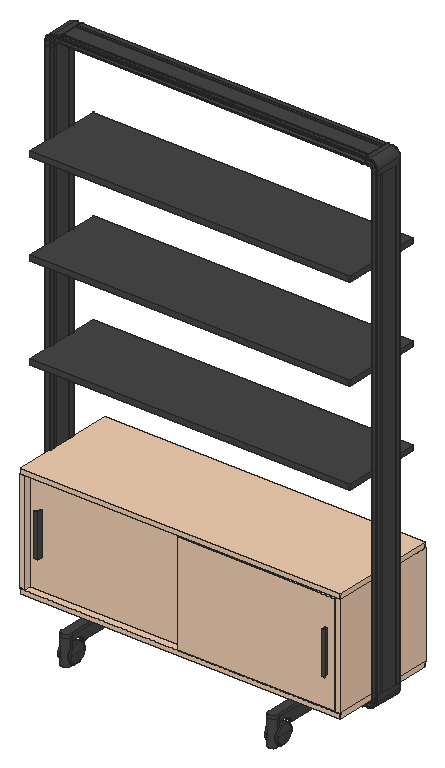
Revit family "DBLTD_TheSenatorGroup_OffcStrg_AdaptWall", category Furniture, Revit 2019 (continued)
Definition of nested family "DBLTD_TheSenatorGroup_OffcStrg_AdaptWall_Frame"
  Automatic sketch dimensions
    Sweep 22 sketch curve to Sweep 22 sketch curve = 2.641 mm  (x2)
    Sweep 22 sketch curve to Sweep 22 sketch curve = 8.543 mm
    Sweep 22 sketch curve to Sweep 22 sketch curve = 0.219 mm  (x3)
    Sweep 22 sketch curve to Sweep 22 sketch curve = 1.02 mm  (x2)
    Sweep 22 sketch curve to Sweep 22 sketch curve = 10 mm  (x2)
    profile plane to Sweep 22 sketch curve = 175.276 mm
    Sweep 22 sketch curve to Sweep 22 sketch curve = 0 mm  (x2)
    Sweep 22 sketch curve to Sweep 22 sketch curve = 1.116 mm  (x2)
    Sweep 22 sketch curve to Sweep 22 sketch curve = 9.465 mm
    Sweep 22 sketch curve to Sweep 22 sketch curve = 0.512 mm
    Sweep 22 sketch curve to Sweep 22 sketch curve = 4.997 mm
    Sweep 22 sketch curve to Sweep 22 sketch curve = 4.8 mm  (x2)
    Sweep 22 sketch curve to Sweep 22 sketch curve = 57.352 mm
    Sweep 22 sketch curve to Sweep 22 sketch curve = 3.509 mm
    Sweep 22 sketch curve to Sweep 22 sketch curve = 1.488 mm  (x2)
    Sweep 22 sketch curve to Sweep 22 sketch curve = 9.593 mm  (x2)
    Sweep 22 sketch curve to Sweep 22 sketch curve = 0.384 mm  (x2)
    radius of Extrusion 4 sketch curve = 17.494 mm
    radius of Extrusion 5 sketch curve = 17.494 mm
    radius of Extrusion 14 sketch curve = 17.494 mm
    radius of Extrusion 15 sketch curve = 17.494 mm
Definition of nested family "DBLTD_TheSenatorGroup_OffcStrg_AdaptWall_Shelf"
  Parameters (values of type "Shelves")
    URL = ""
    Type Comments = ""
    Model = ""
    Manufacturer = ""
    Keynote = ""
    HasCoatHook = no
    HasMiddleShelves = yes
    HasBottomShelf = yes
    FrameWidth [instance] = 1650 mm
    FrameMaterial [instance] = none
    Description = ""
    Cost = 0
  Types (3, lengths in mm): name | HasCoatHook | HasMiddleShelves | HasBottomShelf | FrameWidth
    Coat Hook | yes | no | no | 1250
    Shelves with Storage | no | yes | no | 1250
    Shelves | no | yes | yes | 1650
  Reference planes
    plane 1: z = 0
    plane 2 "Center (Left/Right)": x = 0
    plane 3: y = -229
    plane 4: x = -825
    plane 5: x = -802.4
    plane 6: x = 825
    plane 7: x = 802.4
  Forms (mm)
    Extrusion 1, solid, material <- "FrameMaterial"
      sketch origin (0, 2538.177, 75) x (-1, 0, 0) y (0, -1, 0)
        loop
          arc (799.4, 2622.815) -> (801.521, 2623.694) -> (802.4, 2625.815) r 3
          line (802.4, 2625.815) -> (802.4, 2918.462)
          arc (802.4, 2918.462) -> (801.521, 2920.583) -> (799.4, 2921.462) r 3
          line (799.4, 2921.462) -> (-799.4, 2921.462)
          arc (-799.4, 2921.462) -> (-801.521, 2920.583) -> (-802.4, 2918.462) r 3
          line (-802.4, 2918.462) -> (-802.4, 2625.815)
          arc (-802.4, 2625.815) -> (-801.521, 2623.694) -> (-799.4, 2622.815) r 3
          line (-799.4, 2622.815) -> (799.4, 2622.815)
      from 1522.092 to 1539.892
    Extrusion 2, solid, material <- "FrameMaterial"
      sketch origin (0, 0, 75) x (-1, 0, 0) y (0, -1, 0)
        loop
          arc (803.857, 257.676) -> (803.803, 258.721) -> (803.639, 259.755) r 10
          line (803.639, 259.755) -> (802.619, 264.555)
          arc (802.619, 264.555) -> (802.455, 265.589) -> (802.4, 266.634) r 10
          line (802.4, 266.634) -> (802.4, 271.215) -> (795.913, 271.215) -> (795.913, 186.785) -> (802.4, 186.785) -> (802.4, 191.366)
          arc (802.4, 191.366) -> (802.455, 192.411) -> (802.619, 193.445) r 10
          line (802.619, 193.445) -> (803.639, 198.245)
          arc (803.639, 198.245) -> (803.803, 199.279) -> (803.857, 200.324) r 10
          line (803.857, 200.324) -> (803.857, 257.676)
        loop
          line (-803.857, 257.676) -> (-803.857, 200.324)
          arc (-803.857, 200.324) -> (-803.803, 199.279) -> (-803.639, 198.245) r 10
          line (-803.639, 198.245) -> (-802.619, 193.445)
          arc (-802.619, 193.445) -> (-802.455, 192.411) -> (-802.4, 191.366) r 10
          line (-802.4, 191.366) -> (-802.4, 186.785) -> (-795.913, 186.785) -> (-795.913, 271.215) -> (-802.4, 271.215) -> (-802.4, 266.634)
          arc (-802.4, 266.634) -> (-802.455, 265.589) -> (-802.619, 264.555) r 10
          line (-802.619, 264.555) -> (-803.639, 259.755)
          arc (-803.639, 259.755) -> (-803.803, 258.721) -> (-803.857, 257.676) r 10
      from 1491.392 to 1522.092
    Sweep 3, solid, material <- "FrameMaterial", visible <- "HasCoatHook"
      path origin (0, 0, 0) x (1, 0, 0) y (0, 0, 1)
        loop
          line (-764.476, 1597.092) -> (-764.476, 1580.392)
          arc (-764.476, 1580.392) -> (-741.045, 1523.823) -> (-684.476, 1500.392) r 80
          line (-684.476, 1500.392) -> (684.476, 1500.392)
          arc (684.476, 1500.392) -> (741.045, 1523.823) -> (764.476, 1580.392) r 80
          line (764.476, 1580.392) -> (764.476, 1597.092)
      profile origin (-764.476, 0, 1588.742) x (0, -1, 0) y (1, 0, 0)
        loop
          circle (229, 12.5) r 12.5
    Extrusion 4, solid, material <- "FrameMaterial", visible <- "HasMiddleShelves"
      sketch origin (0, 2538.177, -275) x (-1, 0, 0) y (0, -1, 0)
        loop
          arc (799.4, 2622.815) -> (801.521, 2623.694) -> (802.4, 2625.815) r 3
          line (802.4, 2625.815) -> (802.4, 2918.462)
          arc (802.4, 2918.462) -> (801.521, 2920.583) -> (799.4, 2921.462) r 3
          line (799.4, 2921.462) -> (-799.4, 2921.462)
          arc (-799.4, 2921.462) -> (-801.521, 2920.583) -> (-802.4, 2918.462) r 3
          line (-802.4, 2918.462) -> (-802.4, 2625.815)
          arc (-802.4, 2625.815) -> (-801.521, 2623.694) -> (-799.4, 2622.815) r 3
          line (-799.4, 2622.815) -> (799.4, 2622.815)
      from 1522.092 to 1539.892
    Extrusion 5, solid, material <- "FrameMaterial", visible <- "HasMiddleShelves"
      sketch origin (0, 0, -275) x (-1, 0, 0) y (0, -1, 0)
        loop
          arc (803.857, 257.676) -> (803.803, 258.721) -> (803.639, 259.755) r 10
          line (803.639, 259.755) -> (802.619, 264.555)
          arc (802.619, 264.555) -> (802.455, 265.589) -> (802.4, 266.634) r 10
          line (802.4, 266.634) -> (802.4, 271.215) -> (795.913, 271.215) -> (795.913, 186.785) -> (802.4, 186.785) -> (802.4, 191.366)
          arc (802.4, 191.366) -> (802.455, 192.411) -> (802.619, 193.445) r 10
          line (802.619, 193.445) -> (803.639, 198.245)
          arc (803.639, 198.245) -> (803.803, 199.279) -> (803.857, 200.324) r 10
          line (803.857, 200.324) -> (803.857, 257.676)
        loop
          line (-803.857, 257.676) -> (-803.857, 200.324)
          arc (-803.857, 200.324) -> (-803.803, 199.279) -> (-803.639, 198.245) r 10
          line (-803.639, 198.245) -> (-802.619, 193.445)
          arc (-802.619, 193.445) -> (-802.455, 192.411) -> (-802.4, 191.366) r 10
          line (-802.4, 191.366) -> (-802.4, 186.785) -> (-795.913, 186.785) -> (-795.913, 271.215) -> (-802.4, 271.215) -> (-802.4, 266.634)
          arc (-802.4, 266.634) -> (-802.455, 265.589) -> (-802.619, 264.555) r 10
          line (-802.619, 264.555) -> (-803.639, 259.755)
          arc (-803.639, 259.755) -> (-803.803, 258.721) -> (-803.857, 257.676) r 10
      from 1491.392 to 1522.092
    Extrusion 6, solid, material <- "FrameMaterial", visible <- "HasMiddleShelves"
      sketch origin (0, 2538.177, -625.293) x (-1, 0, 0) y (0, -1, 0)
        loop
          arc (799.4, 2622.815) -> (801.521, 2623.694) -> (802.4, 2625.815) r 3
          line (802.4, 2625.815) -> (802.4, 2918.462)
          arc (802.4, 2918.462) -> (801.521, 2920.583) -> (799.4, 2921.462) r 3
          line (799.4, 2921.462) -> (-799.4, 2921.462)
          arc (-799.4, 2921.462) -> (-801.521, 2920.583) -> (-802.4, 2918.462) r 3
          line (-802.4, 2918.462) -> (-802.4, 2625.815)
          arc (-802.4, 2625.815) -> (-801.521, 2623.694) -> (-799.4, 2622.815) r 3
          line (-799.4, 2622.815) -> (799.4, 2622.815)
      from 1522.092 to 1539.892
    Extrusion 7, solid, material <- "FrameMaterial", visible <- "HasMiddleShelves"
      sketch origin (0, 0, -625.293) x (-1, 0, 0) y (0, -1, 0)
        loop
          arc (803.857, 257.676) -> (803.803, 258.721) -> (803.639, 259.755) r 10
          line (803.639, 259.755) -> (802.619, 264.555)
          arc (802.619, 264.555) -> (802.455, 265.589) -> (802.4, 266.634) r 10
          line (802.4, 266.634) -> (802.4, 271.215) -> (795.913, 271.215) -> (795.913, 186.785) -> (802.4, 186.785) -> (802.4, 191.366)
          arc (802.4, 191.366) -> (802.455, 192.411) -> (802.619, 193.445) r 10
          line (802.619, 193.445) -> (803.639, 198.245)
          arc (803.639, 198.245) -> (803.803, 199.279) -> (803.857, 200.324) r 10
          line (803.857, 200.324) -> (803.857, 257.676)
        loop
          line (-803.857, 257.676) -> (-803.857, 200.324)
          arc (-803.857, 200.324) -> (-803.803, 199.279) -> (-803.639, 198.245) r 10
          line (-803.639, 198.245) -> (-802.619, 193.445)
          arc (-802.619, 193.445) -> (-802.455, 192.411) -> (-802.4, 191.366) r 10
          line (-802.4, 191.366) -> (-802.4, 186.785) -> (-795.913, 186.785) -> (-795.913, 271.215) -> (-802.4, 271.215) -> (-802.4, 266.634)
          arc (-802.4, 266.634) -> (-802.455, 265.589) -> (-802.619, 264.555) r 10
          line (-802.619, 264.555) -> (-803.639, 259.755)
          arc (-803.639, 259.755) -> (-803.803, 258.721) -> (-803.857, 257.676) r 10
      from 1491.392 to 1522.092
    Extrusion 8, solid, material <- "FrameMaterial", visible <- "HasBottomShelf"
      sketch origin (0, 2538.177, -975.293) x (-1, 0, 0) y (0, -1, 0)
        loop
          arc (799.4, 2622.815) -> (801.521, 2623.694) -> (802.4, 2625.815) r 3
          line (802.4, 2625.815) -> (802.4, 2918.462)
          arc (802.4, 2918.462) -> (801.521, 2920.583) -> (799.4, 2921.462) r 3
          line (799.4, 2921.462) -> (-799.4, 2921.462)
          arc (-799.4, 2921.462) -> (-801.521, 2920.583) -> (-802.4, 2918.462) r 3
          line (-802.4, 2918.462) -> (-802.4, 2625.815)
          arc (-802.4, 2625.815) -> (-801.521, 2623.694) -> (-799.4, 2622.815) r 3
          line (-799.4, 2622.815) -> (799.4, 2622.815)
      from 1522.092 to 1539.892
    Extrusion 9, solid, material <- "FrameMaterial", visible <- "HasBottomShelf"
      sketch origin (0, 0, -975.293) x (-1, 0, 0) y (0, -1, 0)
        loop
          arc (803.857, 257.676) -> (803.803, 258.721) -> (803.639, 259.755) r 10
          line (803.639, 259.755) -> (802.619, 264.555)
          arc (802.619, 264.555) -> (802.455, 265.589) -> (802.4, 266.634) r 10
          line (802.4, 266.634) -> (802.4, 271.215) -> (795.913, 271.215) -> (795.913, 186.785) -> (802.4, 186.785) -> (802.4, 191.366)
          arc (802.4, 191.366) -> (802.455, 192.411) -> (802.619, 193.445) r 10
          line (802.619, 193.445) -> (803.639, 198.245)
          arc (803.639, 198.245) -> (803.803, 199.279) -> (803.857, 200.324) r 10
          line (803.857, 200.324) -> (803.857, 257.676)
        loop
          line (-803.857, 257.676) -> (-803.857, 200.324)
          arc (-803.857, 200.324) -> (-803.803, 199.279) -> (-803.639, 198.245) r 10
          line (-803.639, 198.245) -> (-802.619, 193.445)
          arc (-802.619, 193.445) -> (-802.455, 192.411) -> (-802.4, 191.366) r 10
          line (-802.4, 191.366) -> (-802.4, 186.785) -> (-795.913, 186.785) -> (-795.913, 271.215) -> (-802.4, 271.215) -> (-802.4, 266.634)
          arc (-802.4, 266.634) -> (-802.455, 265.589) -> (-802.619, 264.555) r 10
          line (-802.619, 264.555) -> (-803.639, 259.755)
          arc (-803.639, 259.755) -> (-803.803, 258.721) -> (-803.857, 257.676) r 10
      from 1491.392 to 1522.092
    Extrusion 10, solid, material <- "FrameMaterial", visible <- "HasBottomShelf"
      sketch origin (0, 2538.177, -1325) x (-1, 0, 0) y (0, -1, 0)
        loop
          arc (799.4, 2622.815) -> (801.521, 2623.694) -> (802.4, 2625.815) r 3
          line (802.4, 2625.815) -> (802.4, 2918.462)
          arc (802.4, 2918.462) -> (801.521, 2920.583) -> (799.4, 2921.462) r 3
          line (799.4, 2921.462) -> (-799.4, 2921.462)
          arc (-799.4, 2921.462) -> (-801.521, 2920.583) -> (-802.4, 2918.462) r 3
          line (-802.4, 2918.462) -> (-802.4, 2625.815)
          arc (-802.4, 2625.815) -> (-801.521, 2623.694) -> (-799.4, 2622.815) r 3
          line (-799.4, 2622.815) -> (799.4, 2622.815)
      from 1522.092 to 1539.892
    Extrusion 11, solid, material <- "FrameMaterial", visible <- "HasBottomShelf"
      sketch origin (0, 0, -1325) x (-1, 0, 0) y (0, -1, 0)
        loop
          arc (803.857, 257.676) -> (803.803, 258.721) -> (803.639, 259.755) r 10
          line (803.639, 259.755) -> (802.619, 264.555)
          arc (802.619, 264.555) -> (802.455, 265.589) -> (802.4, 266.634) r 10
          line (802.4, 266.634) -> (802.4, 271.215) -> (795.913, 271.215) -> (795.913, 186.785) -> (802.4, 186.785) -> (802.4, 191.366)
          arc (802.4, 191.366) -> (802.455, 192.411) -> (802.619, 193.445) r 10
          line (802.619, 193.445) -> (803.639, 198.245)
          arc (803.639, 198.245) -> (803.803, 199.279) -> (803.857, 200.324) r 10
          line (803.857, 200.324) -> (803.857, 257.676)
        loop
          line (-803.857, 257.676) -> (-803.857, 200.324)
          arc (-803.857, 200.324) -> (-803.803, 199.279) -> (-803.639, 198.245) r 10
          line (-803.639, 198.245) -> (-802.619, 193.445)
          arc (-802.619, 193.445) -> (-802.455, 192.411) -> (-802.4, 191.366) r 10
          line (-802.4, 191.366) -> (-802.4, 186.785) -> (-795.913, 186.785) -> (-795.913, 271.215) -> (-802.4, 271.215) -> (-802.4, 266.634)
          arc (-802.4, 266.634) -> (-802.455, 265.589) -> (-802.619, 264.555) r 10
          line (-802.619, 264.555) -> (-803.639, 259.755)
          arc (-803.639, 259.755) -> (-803.803, 258.721) -> (-803.857, 257.676) r 10
      from 1491.392 to 1522.092
  Dimensions and locks
    equal spacing: plane 6, plane 2 "Center (Left/Right)", plane 4
    "FrameWidth": plane 6 to plane 4
    locked: plane 5 to plane 4 at 22.6
    locked: plane 7 to plane 6 at 22.6
    aligned and locked: level to plane 1
  Automatic sketch dimensions
    Extrusion 1 sketch curve to plane 7 = 0 mm
    Extrusion 1 sketch curve to plane 5 = 0 mm
    plane 7 to Extrusion 1 sketch curve = 3 mm  (x2)
    plane 5 to Extrusion 1 sketch curve = 3 mm  (x2)
    plane 3 to Extrusion 1 sketch curve = 144.362 mm
    Extrusion 1 sketch curve to plane 3 = 151.285 mm
    Extrusion 2 sketch curve to plane 7 = 0 mm  (x2)
    Extrusion 2 sketch curve to plane 5 = 0 mm  (x2)
    Extrusion 2 sketch curve to plane 7 = 0.219 mm  (x2)
    Extrusion 2 sketch curve to plane 7 = 1.239 mm  (x2)
    Extrusion 2 sketch curve to plane 7 = 1.457 mm
    Extrusion 2 sketch curve to Extrusion 2 sketch curve = 9.781 mm  (x4)
    plane 7 to Extrusion 2 sketch curve = 6.487 mm
    plane 7 to Extrusion 2 sketch curve = 8.543 mm  (x2)
    plane 5 to Extrusion 2 sketch curve = 8.543 mm  (x2)
    plane 5 to Extrusion 2 sketch curve = 6.487 mm
    Extrusion 2 sketch curve to plane 5 = 0.219 mm  (x2)
    Extrusion 2 sketch curve to plane 5 = 1.239 mm  (x2)
    Extrusion 2 sketch curve to plane 5 = 1.457 mm
    plane 3 to Extrusion 2 sketch curve = 42.215 mm  (x2)
    Extrusion 2 sketch curve to Extrusion 2 sketch curve = 4.581 mm  (x4)
    Extrusion 2 sketch curve to Extrusion 2 sketch curve = 4.8 mm  (x4)
    Extrusion 2 sketch curve to plane 3 = 28.676 mm  (x2)
    plane 5 to Sweep 3 sketch curve = 37.924 mm
    Sweep 3 sketch curve to Sweep 3 sketch curve = 80 mm
    plane 7 to Sweep 3 sketch curve = 117.924 mm
    plane 7 to Sweep 3 sketch curve = 37.924 mm
    level to Sweep 3 sketch curve = 1500.392 mm
    Sweep 3 sketch curve to Sweep 3 sketch curve = 16.7 mm  (x2)
    Sweep 3 sketch curve to profile plane = 12.5 mm
    profile plane to Sweep 3 sketch curve = 229 mm
    Extrusion 4 sketch curve to plane 7 = 0 mm
    Extrusion 4 sketch curve to plane 5 = 0 mm
    plane 7 to Extrusion 4 sketch curve = 3 mm  (x2)
    plane 5 to Extrusion 4 sketch curve = 3 mm  (x2)
    plane 3 to Extrusion 4 sketch curve = 144.362 mm
    Extrusion 4 sketch curve to plane 3 = 151.285 mm
    Extrusion 5 sketch curve to plane 7 = 0 mm  (x2)
    Extrusion 5 sketch curve to plane 5 = 0 mm  (x2)
    Extrusion 5 sketch curve to plane 7 = 0.219 mm  (x2)
    Extrusion 5 sketch curve to plane 7 = 1.239 mm  (x2)
    Extrusion 5 sketch curve to plane 7 = 1.457 mm
    Extrusion 5 sketch curve to Extrusion 5 sketch curve = 9.781 mm  (x4)
    plane 7 to Extrusion 5 sketch curve = 6.487 mm
    plane 7 to Extrusion 5 sketch curve = 8.543 mm  (x2)
    plane 5 to Extrusion 5 sketch curve = 8.543 mm  (x2)
    plane 5 to Extrusion 5 sketch curve = 6.487 mm
    Extrusion 5 sketch curve to plane 5 = 0.219 mm  (x2)
    Extrusion 5 sketch curve to plane 5 = 1.239 mm  (x2)
    Extrusion 5 sketch curve to plane 5 = 1.457 mm
    plane 3 to Extrusion 5 sketch curve = 42.215 mm  (x2)
    Extrusion 5 sketch curve to Extrusion 5 sketch curve = 4.581 mm  (x4)
    Extrusion 5 sketch curve to Extrusion 5 sketch curve = 4.8 mm  (x4)
    Extrusion 5 sketch curve to plane 3 = 28.676 mm  (x2)
    Extrusion 6 sketch curve to plane 7 = 0 mm
    Extrusion 6 sketch curve to plane 5 = 0 mm
    plane 7 to Extrusion 6 sketch curve = 3 mm  (x2)
    plane 5 to Extrusion 6 sketch curve = 3 mm  (x2)
    plane 3 to Extrusion 6 sketch curve = 144.362 mm
    Extrusion 6 sketch curve to plane 3 = 151.285 mm
    Extrusion 7 sketch curve to plane 7 = 0 mm  (x2)
    Extrusion 7 sketch curve to plane 5 = 0 mm  (x2)
    Extrusion 7 sketch curve to plane 7 = 0.219 mm  (x2)
    Extrusion 7 sketch curve to plane 7 = 1.239 mm  (x2)
    Extrusion 7 sketch curve to plane 7 = 1.457 mm
    Extrusion 7 sketch curve to Extrusion 7 sketch curve = 9.781 mm  (x4)
    plane 7 to Extrusion 7 sketch curve = 6.487 mm
    plane 7 to Extrusion 7 sketch curve = 8.543 mm  (x2)
    plane 5 to Extrusion 7 sketch curve = 8.543 mm  (x2)
    plane 5 to Extrusion 7 sketch curve = 6.487 mm
    Extrusion 7 sketch curve to plane 5 = 0.219 mm  (x2)
    Extrusion 7 sketch curve to plane 5 = 1.239 mm  (x2)
    Extrusion 7 sketch curve to plane 5 = 1.457 mm
    plane 3 to Extrusion 7 sketch curve = 42.215 mm  (x2)
    Extrusion 7 sketch curve to Extrusion 7 sketch curve = 4.581 mm  (x4)
    Extrusion 7 sketch curve to Extrusion 7 sketch curve = 4.8 mm  (x4)
    Extrusion 7 sketch curve to plane 3 = 28.676 mm  (x2)
    Extrusion 8 sketch curve to plane 7 = 0 mm
    Extrusion 8 sketch curve to plane 5 = 0 mm
    plane 7 to Extrusion 8 sketch curve = 3 mm  (x2)
    plane 5 to Extrusion 8 sketch curve = 3 mm  (x2)
    plane 3 to Extrusion 8 sketch curve = 144.362 mm
    Extrusion 8 sketch curve to plane 3 = 151.285 mm
    Extrusion 9 sketch curve to plane 7 = 0 mm  (x2)
    Extrusion 9 sketch curve to plane 5 = 0 mm  (x2)
    Extrusion 9 sketch curve to plane 7 = 0.219 mm  (x2)
    Extrusion 9 sketch curve to plane 7 = 1.239 mm  (x2)
    Extrusion 9 sketch curve to plane 7 = 1.457 mm
    Extrusion 9 sketch curve to Extrusion 9 sketch curve = 9.781 mm  (x4)
    Extrusion 9 sketch curve to Extrusion 9 sketch curve = 6.487 mm
    plane 7 to Extrusion 9 sketch curve = 8.543 mm  (x2)
    plane 5 to Extrusion 9 sketch curve = 8.543 mm  (x2)
    plane 5 to Extrusion 9 sketch curve = 6.487 mm
    Extrusion 9 sketch curve to plane 5 = 0.219 mm  (x2)
    Extrusion 9 sketch curve to plane 5 = 1.239 mm  (x2)
    Extrusion 9 sketch curve to plane 5 = 1.457 mm
    plane 3 to Extrusion 9 sketch curve = 42.215 mm  (x2)
    Extrusion 9 sketch curve to Extrusion 9 sketch curve = 4.581 mm  (x4)
    Extrusion 9 sketch curve to Extrusion 9 sketch curve = 4.8 mm  (x4)
    Extrusion 9 sketch curve to plane 3 = 28.676 mm  (x2)
    Extrusion 10 sketch curve to plane 7 = 0 mm
    Extrusion 10 sketch curve to plane 5 = 0 mm
    plane 7 to Extrusion 10 sketch curve = 3 mm  (x2)
    plane 5 to Extrusion 10 sketch curve = 3 mm  (x2)
    plane 3 to Extrusion 10 sketch curve = 144.362 mm
    Extrusion 10 sketch curve to plane 3 = 151.285 mm
    Extrusion 11 sketch curve to plane 7 = 0 mm  (x2)
    Extrusion 11 sketch curve to plane 5 = 0 mm  (x2)
    Extrusion 11 sketch curve to plane 7 = 0.219 mm  (x2)
    Extrusion 11 sketch curve to plane 7 = 1.239 mm  (x2)
    Extrusion 11 sketch curve to plane 7 = 1.457 mm
    Extrusion 11 sketch curve to Extrusion 11 sketch curve = 9.781 mm  (x4)
    Extrusion 11 sketch curve to Extrusion 11 sketch curve = 6.487 mm
    plane 7 to Extrusion 11 sketch curve = 8.543 mm  (x2)
    plane 5 to Extrusion 11 sketch curve = 8.543 mm  (x2)
    plane 5 to Extrusion 11 sketch curve = 6.487 mm
    Extrusion 11 sketch curve to plane 5 = 0.219 mm  (x2)
    Extrusion 11 sketch curve to plane 5 = 1.239 mm  (x2)
    Extrusion 11 sketch curve to plane 5 = 1.457 mm
    plane 3 to Extrusion 11 sketch curve = 42.215 mm  (x2)
    Extrusion 11 sketch curve to Extrusion 11 sketch curve = 4.581 mm  (x4)
    Extrusion 11 sketch curve to Extrusion 11 sketch curve = 4.8 mm  (x4)
    Extrusion 11 sketch curve to plane 3 = 28.676 mm  (x2)
    radius of Sweep 3 sketch curve = 12.5 mm
Definition of nested family "DBLTD_TheSenatorGroup_OffcStrg_AdaptWall_StorageSlide"
  Parameters (values of type "Storage")
    URL = ""
    Type Comments = ""
    Model = ""
    Manufacturer = ""
    Keynote = ""
    FrameWidth [instance] = 1250 mm
    FrameMaterial [instance] = none
    Description = ""
    Cost = 0
    CarcassMaterial [instance] = none
  Reference planes
    plane 1: z = 0
    plane 2 "Center (Left/Right)": x = 0
    plane 3: y = -229
    plane 4: y = -28
    plane 5: y = -428
    plane 6: x = -625
    plane 7: x = 625
  Forms (mm)
    Extrusion 1, solid, material <- "CarcassMaterial"
      sketch origin (0, 2538.177, -975.293) x (-1, 0, 0) y (0, -1, 0)
        loop
          arc (599.4, 2566.177) -> (601.521, 2567.055) -> (602.4, 2569.177) r 3
          line (602.4, 2569.177) -> (602.4, 2963.177)
          arc (602.4, 2963.177) -> (601.521, 2965.298) -> (599.4, 2966.177) r 3
          line (599.4, 2966.177) -> (-599.4, 2966.177)
          arc (-599.4, 2966.177) -> (-601.521, 2965.298) -> (-602.4, 2963.177) r 3
          line (-602.4, 2963.177) -> (-602.4, 2569.177)
          arc (-602.4, 2569.177) -> (-601.521, 2567.055) -> (-599.4, 2566.177) r 3
          line (-599.4, 2566.177) -> (599.4, 2566.177)
      from 1522.092 to 1539.892
    Extrusion 2, solid, material <- "CarcassMaterial"
      sketch origin (0, 0, -975.293) x (-1, 0, 0) y (0, -1, 0)
        loop
          arc (603.857, 257.676) -> (603.803, 258.721) -> (603.639, 259.755) r 10
          line (603.639, 259.755) -> (602.619, 264.555)
          arc (602.619, 264.555) -> (602.455, 265.589) -> (602.4, 266.634) r 10
          line (602.4, 266.634) -> (602.4, 271.215) -> (595.913, 271.215) -> (595.913, 186.785) -> (602.4, 186.785) -> (602.4, 191.366)
          arc (602.4, 191.366) -> (602.455, 192.411) -> (602.619, 193.445) r 10
          line (602.619, 193.445) -> (603.639, 198.245)
          arc (603.639, 198.245) -> (603.803, 199.279) -> (603.857, 200.324) r 10
          line (603.857, 200.324) -> (603.857, 257.676)
        loop
          line (-603.857, 257.676) -> (-603.857, 200.324)
          arc (-603.857, 200.324) -> (-603.803, 199.279) -> (-603.639, 198.245) r 10
          line (-603.639, 198.245) -> (-602.619, 193.445)
          arc (-602.619, 193.445) -> (-602.455, 192.411) -> (-602.4, 191.366) r 10
          line (-602.4, 191.366) -> (-602.4, 186.785) -> (-595.913, 186.785) -> (-595.913, 271.215) -> (-602.4, 271.215) -> (-602.4, 266.634)
          arc (-602.4, 266.634) -> (-602.455, 265.589) -> (-602.619, 264.555) r 10
          line (-602.619, 264.555) -> (-603.639, 259.755)
          arc (-603.639, 259.755) -> (-603.803, 258.721) -> (-603.857, 257.676) r 10
      from 1491.392 to 1522.092
    Extrusion 3, solid, material <- "CarcassMaterial"
      sketch origin (0, 2538.177, -1377.75) x (-1, 0, 0) y (0, -1, 0)
        loop
          arc (599.4, 2566.177) -> (601.521, 2567.055) -> (602.4, 2569.177) r 3
          line (602.4, 2569.177) -> (602.4, 2963.177)
          arc (602.4, 2963.177) -> (601.521, 2965.298) -> (599.4, 2966.177) r 3
          line (599.4, 2966.177) -> (-599.4, 2966.177)
          arc (-599.4, 2966.177) -> (-601.521, 2965.298) -> (-602.4, 2963.177) r 3
          line (-602.4, 2963.177) -> (-602.4, 2569.177)
          arc (-602.4, 2569.177) -> (-601.521, 2567.055) -> (-599.4, 2566.177) r 3
          line (-599.4, 2566.177) -> (599.4, 2566.177)
      from 1522.092 to 1539.892
    Extrusion 4, solid, material <- "CarcassMaterial"
      sketch origin (0, 2544.285, 75) x (-1, 0, 0) y (0, -1, 0)
        loop
          line (582.4, 2572.285) -> (582.4, 2590.785) -> (-582.4, 2590.785) -> (-582.4, 2572.285) -> (582.4, 2572.285)
        loop
          line (582.4, 2927.535) -> (582.4, 2946.035) -> (-3.731, 2946.035) -> (-3.731, 2927.535) -> (582.4, 2927.535)
        loop
          line (11.683, 2952.242) -> (11.683, 2970.742) -> (-582.4, 2970.742) -> (-582.4, 2952.242) -> (11.683, 2952.242)
      from 87.435 to 466.312
    Extrusion 5, solid, material <- "CarcassMaterial"
      sketch origin (0, 0, 75) x (-1, 0, 0) y (0, -1, 0)
        loop
          line (-602.4, 28) -> (-584.4, 28) -> (-584.4, 426.457) -> (-602.4, 426.457) -> (-602.4, 28)
        loop
          line (584.4, 28) -> (602.4, 28) -> (602.4, 426.457) -> (584.4, 426.457) -> (584.4, 28)
      from 87.142 to 471.799
    Extrusion 6, solid, material <- "FrameMaterial"
      sketch origin (0, 0, 75) x (-1, 0, 0) y (0, -1, 0)
        loop
          line (549.9, 401.75) -> (549.9, 413.048) -> (557.431, 417.544) -> (543.385, 418.39) -> (542.9, 401.75) -> (549.9, 401.75)
      from 198.812 to 358.812
    Extrusion 7, solid, material <- "FrameMaterial"
      sketch origin (0, -24.707, 75) x (1, 0, 0) y (0, 1, 0)
        loop
          line (549.9, -401.75) -> (542.9, -401.75) -> (543.385, -418.39) -> (557.431, -417.544) -> (549.9, -413.048) -> (549.9, -401.75)
      from 198.812 to 358.812
  Dimensions and locks
    locked: plane 2 "Center (Left/Right)" to Extrusion 4 sketch curve at 3.731
    locked: Extrusion 4 sketch curve to plane 2 "Center (Left/Right)" at 11.683
    equal spacing: plane 7, plane 2 "Center (Left/Right)", plane 6
    "FrameWidth": plane 7 to plane 6
    plane 6 to Extrusion 5 = 22.6 mm  (x2)
    plane 6 to Extrusion 3 = 22.6 mm
    locked: plane 6 to Extrusion 1 sketch curve at 22.6
    locked: Extrusion 1 sketch curve to plane 7 at 22.6
    locked: plane 6 to Extrusion 3 sketch curve at 22.6
    locked: Extrusion 3 sketch curve to plane 7 at 22.6
    locked: plane 6 to Extrusion 5 sketch curve at 22.6
    locked: Extrusion 5 sketch curve to Extrusion 5 sketch curve at 18  (x2)
    locked: Extrusion 5 sketch curve to plane 7 at 22.6
    aligned and locked: level to plane 1
  Automatic sketch dimensions
    plane 5 to Extrusion 1 sketch curve = 0 mm
    plane 4 to Extrusion 1 sketch curve = 0 mm
    Extrusion 1 sketch curve to Extrusion 1 sketch curve = 3 mm  (x4)
    plane 7 to Extrusion 2 sketch curve = 12.6 mm  (x2)
    Extrusion 2 sketch curve to Extrusion 2 sketch curve = 8.543 mm
    Extrusion 2 sketch curve to Extrusion 2 sketch curve = 0.219 mm  (x7)
    Extrusion 2 sketch curve to Extrusion 2 sketch curve = 1.02 mm  (x4)
    Extrusion 2 sketch curve to Extrusion 2 sketch curve = 6.487 mm  (x3)
    Extrusion 2 sketch curve to Extrusion 2 sketch curve = 9.781 mm  (x2)
    plane 6 to Extrusion 2 sketch curve = 31.143 mm  (x2)
    Extrusion 2 sketch curve to Extrusion 2 sketch curve = 2.055 mm
    Extrusion 2 sketch curve to Extrusion 2 sketch curve = 10 mm  (x2)
    plane 3 to Extrusion 2 sketch curve = 42.215 mm  (x2)
    Extrusion 2 sketch curve to Extrusion 2 sketch curve = 4.581 mm  (x4)
    Extrusion 2 sketch curve to Extrusion 2 sketch curve = 4.8 mm  (x4)
    Extrusion 2 sketch curve to plane 3 = 28.676 mm  (x2)
    plane 5 to Extrusion 3 sketch curve = 0 mm
    plane 4 to Extrusion 3 sketch curve = 0 mm
    Extrusion 3 sketch curve to Extrusion 3 sketch curve = 3 mm  (x4)
    plane 4 to Extrusion 4 sketch curve = 0 mm
    Extrusion 4 sketch curve to plane 5 = 1.543 mm
    plane 7 to Extrusion 4 sketch curve = 42.6 mm  (x2)
    plane 4 to Extrusion 4 sketch curve = 18.5 mm
    plane 6 to Extrusion 4 sketch curve = 42.6 mm  (x2)
    Extrusion 4 sketch curve to plane 5 = 44.75 mm
    Extrusion 4 sketch curve to Extrusion 4 sketch curve = 18.5 mm  (x2)
    plane 4 to Extrusion 5 sketch curve = 0 mm  (x2)
    Extrusion 5 sketch curve to plane 5 = 1.543 mm  (x2)
    Extrusion 6 sketch curve to plane 5 = 26.25 mm
    plane 6 to Extrusion 6 sketch curve = 82.1 mm
    Extrusion 6 sketch curve to plane 5 = 9.61 mm
    Extrusion 6 sketch curve to Extrusion 6 sketch curve = 0.485 mm
    Extrusion 6 sketch curve to Extrusion 6 sketch curve = 7 mm
    Extrusion 6 sketch curve to plane 5 = 10.456 mm
    Extrusion 6 sketch curve to Extrusion 6 sketch curve = 7.531 mm
    Extrusion 6 sketch curve to Extrusion 6 sketch curve = 5.342 mm
    Extrusion 7 sketch curve to plane 5 = 1.543 mm
    plane 7 to Extrusion 7 sketch curve = 82.1 mm
    plane 5 to Extrusion 7 sketch curve = 15.097 mm
    Extrusion 7 sketch curve to Extrusion 7 sketch curve = 0.485 mm
    Extrusion 7 sketch curve to Extrusion 7 sketch curve = 7 mm
    plane 5 to Extrusion 7 sketch curve = 14.251 mm
    Extrusion 7 sketch curve to Extrusion 7 sketch curve = 7.531 mm
    Extrusion 7 sketch curve to Extrusion 7 sketch curve = 5.342 mm
Types (11, lengths in mm): name | Type Comments | StorageType | Size | ShelfType | NominalWidth | NominalLength | ModelReference | ModelNumber | Model | HasStorage | Description
  (no name) | "3 x Shelf with Sliding Door Unit 1250mm Wide" | DBLTD_TheSenatorGroup_OffcStrg_AdaptWall_StorageSlide : Storage | "L 530mm x  W 1250mm x  H 1965mm" | DBLTD_TheSenatorGroup_OffcStrg_AdaptWall_Shelf : Shelves with Storage | 1250 | 1250 | "3 x Shelf with Sliding Door Unit 1250mm Wide" | "AW2012SH3SL" | "AW2012SH3SL" | yes | "3 x Shelf with Sliding Door Unit 1250mm Wide"
  Coat Hanger with Sliding Door Unit 1250mm Wide | "Coat Hanger with Sliding Door Unit 1250mm Wide" | DBLTD_TheSenatorGroup_OffcStrg_AdaptWall_StorageSlide : Storage | "L 530mm x  W 1250mm x  H 1965mm" | DBLTD_TheSenatorGroup_OffcStrg_AdaptWall_Shelf : Coat Hook | 1250 | 1250 | "Coat Hanger with Sliding Door Unit 1250mm Wide" | "AW2012CHSL" | "AW2012CHSL" | yes | "Coat Hanger with Sliding Door Unit 1250mm Wide"
  Coat Hanger with Sliding Door Unit 1650mm Wide | "Coat Hanger with Sliding Door Unit 1650mm Wide" | DBLTD_TheSenatorGroup_OffcStrg_AdaptWall_StorageSlide : Storage | "L 530mm x  W 1650mm x  H 1965mm" | DBLTD_TheSenatorGroup_OffcStrg_AdaptWall_Shelf : Coat Hook | 1650 | 1650 | "Coat Hanger with Sliding Door Unit 1650mm Wide" | "AW2016CHSL" | "AW2016CHSL" | yes | "Coat Hanger with Sliding Door Unit 1650mm Wide"
  Coat Hanger with 4 Drawer Unit 1250mm Wide | "Coat Hanger with 4 Drawer Unit 1250mm Wide" | DBLTD_TheSenatorGroup_OffcStrg_AdaptWall_StorageDrawer : Storage | "L 530mm x  W 1250mm x  H 1965mm" | DBLTD_TheSenatorGroup_OffcStrg_AdaptWall_Shelf : Coat Hook | 1250 | 1250 | "Coat Hanger with 4 Drawer Unit 1250mm Wide" | "AW2012CHDW4" | "AW2012CHDW4" | yes | "Coat Hanger with 4 Drawer Unit 1250mm Wide"
  Coat Hanger with 4 Drawer Unit 1650mm Wide | "Coat Hanger with 4 Drawer Unit 1650mm Wide" | DBLTD_TheSenatorGroup_OffcStrg_AdaptWall_StorageDrawer : Storage | "L 530mm x  W 1650mm x  H 1965mm" | DBLTD_TheSenatorGroup_OffcStrg_AdaptWall_Shelf : Coat Hook | 1650 | 1650 | "Coat Hanger with 4 Drawer Unit 1650mm Wide" | "AW2016CHDW4" | "AW2016CHDW4" | yes | "Coat Hanger with 4 Drawer Unit 1650mm Wide"
  3 x Shelf with 4 Drawer Unit 1650mm Wide | "3 x Shelf with 4 Drawer Unit 1650mm Wide" | DBLTD_TheSenatorGroup_OffcStrg_AdaptWall_StorageDrawer : Storage | "L 530mm x  W 1650mm x  H 1965mm" | DBLTD_TheSenatorGroup_OffcStrg_AdaptWall_Shelf : Shelves with Storage | 1650 | 1650 | "3 x Shelf with 4 Drawer Unit 1650mm Wide" | "AW2016SH3DW4" | "AW2016SH3DW4" | yes | "3 x Shelf with 4 Drawer Unit 1650mm Wide"
  3 x Shelf with 4 Drawer Unit 1250mm Wide | "3 x Shelf with 4 Drawer Unit 1250mm Wide" | DBLTD_TheSenatorGroup_OffcStrg_AdaptWall_StorageDrawer : Storage | "L 530mm x  W 1250mm x  H 1965mm" | DBLTD_TheSenatorGroup_OffcStrg_AdaptWall_Shelf : Shelves with Storage | 1250 | 1250 | "3 x Shelf with 4 Drawer Unit 1250mm Wide" | "AW2012SH3DW4" | "AW2012SH3DW4" | yes | "3 x Shelf with 4 Drawer Unit 1250mm Wide"
  3 x Shelf with Sliding Door Unit 1250mm Wide | "3 x Shelf with Sliding Door Unit 1250mm Wide" | DBLTD_TheSenatorGroup_OffcStrg_AdaptWall_StorageSlide : Storage | "L 530mm x  W 1250mm x  H 1965mm" | DBLTD_TheSenatorGroup_OffcStrg_AdaptWall_Shelf : Shelves with Storage | 1250 | 1250 | "3 x Shelf with Sliding Door Unit 1250mm Wide" | "AW2012SH3SL" | "AW2012SH3SL" | yes | "3 x Shelf with Sliding Door Unit 1250mm Wide"
  3 x Shelf with Sliding Door Unit 1650mm Wide | "3 x Shelf with Sliding Door Unit 1650mm Wide" | DBLTD_TheSenatorGroup_OffcStrg_AdaptWall_StorageSlide : Storage | "L 530mm x  W 1650mm x  H 1965mm" | DBLTD_TheSenatorGroup_OffcStrg_AdaptWall_Shelf : Shelves with Storage | 1650 | 1650 | "3 x Shelf with Sliding Door Unit 1650mm Wide" | "AW2016SH3SL" | "AW2016SH3SL" | yes | "3 x Shelf with Sliding Door Unit 1650mm Wide"
  5 x Shelf Unit 1650mm Wide | "5 x Shelf Unit 1650mm Wide" | DBLTD_TheSenatorGroup_OffcStrg_AdaptWall_StorageDrawer : Storage | "L 530mm x  W 1650mm x  H 1965mm" | DBLTD_TheSenatorGroup_OffcStrg_AdaptWall_Shelf : Shelves | 1650 | 1650 | "5 x Shelf Unit 1650mm Wide" | "AW2016SH5" | "AW2016SH5" | no | "5 x Shelf Unit 1650mm Wide"
  5 x Shelf Unit 1250mm Wide | "5 x Shelf Unit 1250mm Wide" | DBLTD_TheSenatorGroup_OffcStrg_AdaptWall_StorageDrawer : Storage | "L 530mm x  W 1250mm x  H 1965mm" | DBLTD_TheSenatorGroup_OffcStrg_AdaptWall_Shelf : Shelves | 1250 | 1250 | "5 x Shelf Unit 1250mm Wide" | "AW2012SH5" | "AW2012SH5" | no | "5 x Shelf Unit 1250mm Wide"
